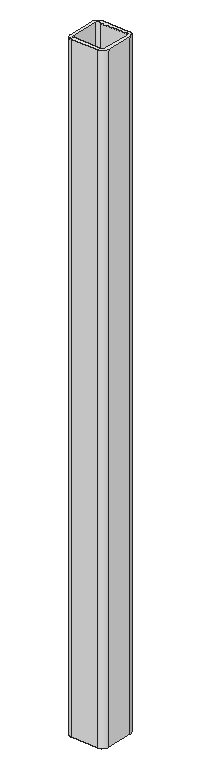
Revit family
Parameters (values of type "HSS152.4X152.4X12.7")
  기둥 재료 [instance] = 금속 - 스틸 - 345 MPa
  Assembly Code = ""
  A = 0.006 m²
  Ht = 152 mm
  W = 0.512
  모양 = "정사각형"
  b = 152 mm
  kr = 2 * t  # 23.6 mm
  t = 11.8 mm
Types (2, lengths in mm): name | A | Ht | W | b | kr | t
  HSS152.4X152.4X12.7 | 0.006 m² | 152 | 0.512 | 152 | 23.6 | 11.8
  HSS203.2X203.2X9.5 | 0.00669 m² | 203 | 0.549 | 203 | 17.8 | 8.9
Reference planes
  plane 1 "중심(앞/뒤)": y = 0
  plane 2: z = 0
  plane 3 "중심(왼쪽/오른쪽)": x = 0
  plane 4: x = -76
  plane 5: x = 76
  plane 6: y = 76
  plane 7: y = -76
  plane 8: x = -52.4
  plane 9: y = -52.4
  plane 10: y = 52.4
  plane 11: x = 52.4
Forms (mm)
  Extrusion 1, solid, material "금속 - 스틸 - 345 MPa" <- "기둥 재료", detail levels medium
    sketch origin (0, 0, 0) x (1, 0, 0) y (0, 1, 0)
      loop
        line (-76, 76) -> (-76, -76) -> (76, -76) -> (76, 76) -> (-76, 76)
      loop
        line (-64.2, 64.2) -> (-64.2, -64.2) -> (64.2, -64.2) -> (64.2, 64.2) -> (-64.2, 64.2)
    from 0 to 2500
  Extrusion 2, solid, material "금속 - 스틸 - 345 MPa" <- "기둥 재료", detail levels fine
    sketch origin (0, 0, 0) x (1, 0, 0) y (0, 1, 0)
      loop
        arc (-52.4, 76) -> (-69.088, 69.088) -> (-76, 52.4) r 23.6
        line (-76, 52.4) -> (-76, -52.4)
        arc (-76, -52.4) -> (-69.088, -69.088) -> (-52.4, -76) r 23.6
        line (-52.4, -76) -> (52.4, -76)
        arc (52.4, -76) -> (69.088, -69.088) -> (76, -52.4) r 23.6
        line (76, -52.4) -> (76, 52.4)
        arc (76, 52.4) -> (69.088, 69.088) -> (52.4, 76) r 23.6
        line (52.4, 76) -> (-52.4, 76)
      loop
        arc (-52.4, 64.2) -> (-60.744, 60.744) -> (-64.2, 52.4) r 11.8
        line (-64.2, 52.4) -> (-64.2, -52.4)
        arc (-64.2, -52.4) -> (-60.744, -60.744) -> (-52.4, -64.2) r 11.8
        line (-52.4, -64.2) -> (52.4, -64.2)
        arc (52.4, -64.2) -> (60.744, -60.744) -> (64.2, -52.4) r 11.8
        line (64.2, -52.4) -> (64.2, 52.4)
        arc (64.2, 52.4) -> (60.744, 60.744) -> (52.4, 64.2) r 11.8
        line (52.4, 64.2) -> (-52.4, 64.2)
    from 0 to 2500
Lines and regions (mm)
  symbolic lines, style "StructuralColumnStickSymbols", detail levels coarse
    curve 1: line (-76, 76, 0) -> (76, 76, 0)
    curve 2: line (-76, -76, 0) -> (76, -76, 0)
    curve 5: line (-76, 76, 0) -> (-76, -76, 0)
    curve 6: line (76, 76, 0) -> (76, -76, 0)
  symbolic lines, style "숨겨진 면", detail levels medium+fine
    curve 3: line (-64.2, 0, 0) -> (-64.2, 0, 2500)
    curve 4: line (64.2, 0, 2500) -> (64.2, 0, 0)
Dimensions and locks
  equal spacing: plane 4, plane 3 "중심(왼쪽/오른쪽)", plane 5
  equal spacing: plane 7, plane 1 "중심(앞/뒤)", plane 6
  "Ht": plane 7 to plane 6
  "b": plane 4 to plane 5
  "t": Extrusion 1 sketch curve to plane 5
  "t": plane 4 to Extrusion 1 sketch curve
  "t": Extrusion 1 sketch curve to plane 6
  "t": Extrusion 1 sketch curve to plane 7
  "t": Extrusion 2 sketch curve to plane 6
  "t": Extrusion 2 sketch curve to plane 5
  "t": plane 4 to Extrusion 2 sketch curve
  "t": Extrusion 2 sketch curve to plane 7
  "kr": plane 10 to plane 6
  "kr": plane 7 to plane 9
  "kr": plane 11 to plane 5
  "kr": plane 4 to plane 8
  aligned and locked: plane 6 to Extrusion 1 sketch curve
  aligned and locked: Extrusion 1 sketch curve to plane 7
  aligned and locked: Extrusion 1 sketch curve to plane 4
  aligned and locked: plane 5 to Extrusion 1 sketch curve
  aligned and locked: level to Extrusion 1
  aligned and locked: level to plane 2
  aligned and locked: Extrusion 1 to plane 2
  aligned and locked: curve 1 to Extrusion 2 sketch curve
  aligned and locked: Extrusion 2 sketch curve to Extrusion 1
  aligned and locked: level to Extrusion 2
  aligned and locked: curve 4 to Extrusion 2
  aligned and locked: curve 3 to Extrusion 2
Automatic sketch dimensions
  Extrusion 2 sketch curve to plane 8 = 0 mm  (x4)
  Extrusion 2 sketch curve to plane 7 = 0 mm
  Extrusion 2 sketch curve to plane 11 = 0 mm
  Extrusion 2 sketch curve to plane 10 = 0 mm  (x2)
  Extrusion 2 sketch curve to plane 9 = 0 mm  (x2)
  curve 3 to level = 0 mm  (x2)
  curve 4 to level = 0 mm  (x2)
  curve 5 to plane 4 = 0 mm
  curve 2 to plane 5 = 0 mm
  curve 5 to plane 7 = 0 mm
  curve 5 to plane 6 = 0 mm
